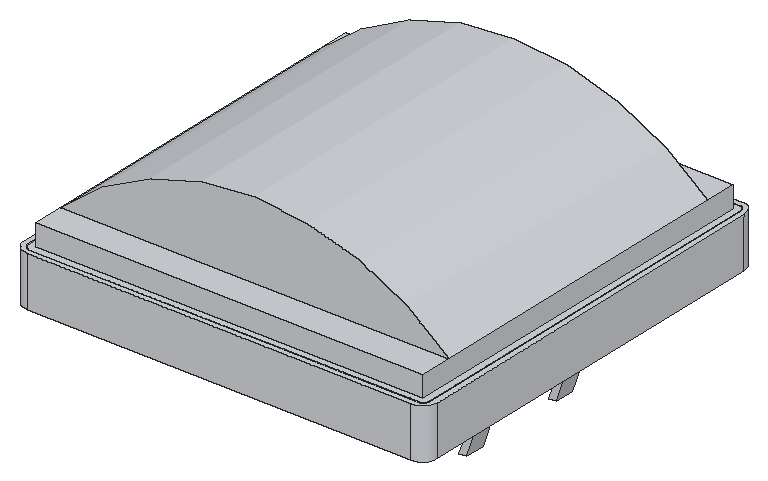
Revit family "Gira_537328", category Electrical Fixtures, host Face, Revit 2017
Family settings
  Host = Face
  Maintain Annotation Orientation = Yes
  Round Connector Dimension = Use Diameter
  Part Type = Normal
  Cut with Voids When Loaded = No
  Shared = No
  Room Calculation Point = No
Parameters (values of type "S3000 Beweg.m.aufs. 1,10 m Standard System 55 Anthrazit")
  Werkstoffgüte = "sonstige"
  Werkstoff = "sonstige"
  URL = "http://katalog.gira.de/de_DE/datenblatt.html?artikelnr=537328"
  Region = "DE"
  Name = "S3000 Beweg.m.aufs. 1,10 m Standard System 55 Anthrazit"
  Montagehöhe = "1,1 m"
  Montageart = "unter Putz"
  Manufacturer URL = "https://www.gira.de/"
  Keynote = "Bewegungsmelder_1,10m"
  HeinzeBIM = "https://bimportal.heinze.de/bim/s3000-beweg-m-aufs-1-10-m-standard-system-55-anthrazit/528e093dc46a669a3acd35462b93a2cabb59bd45"
  Halogenfrei = "No"
  HAN = "537328"
  Geeignet für Schutzart (IP) = "IP22"
  GTIN = "4010337049838"
  Default Elevation = 1219.2 mm
  Data sheet (1) = "https://katalog.gira.de/de_DE/download.html?artikelnr=537328"
  Category = "Bewegungsmelder-Sensor"
  Available = "Yes"
  Ausführung = "Bewegungsmelder"
Reference planes
  plane 1 "Center (Front/Back)": y = 0
  plane 2: z = 0
  plane 3 "Center (Left/Right)": x = 0
Forms (mm)
  Extrusion 1, solid, detail levels fine
    sketch origin (0, 0, 0) x (1, 0, 0) y (0, 0, 1)
      loop
        line (-33.025, 12.126) -> (33.025, 12.126)
        arc (33.025, 12.126) -> (0, 25.3) -> (-33.025, 12.126) r 47.982
    from -27.6 to 27.6
  Extrusion 2, solid, detail levels fine
    sketch origin (0, 0, 0) x (1, 0, 0) y (0, 1, 0)
      loop
        line (33.025, 33.025) -> (-33.025, 33.025) -> (-33.025, -33.025) -> (33.025, -33.025) -> (33.025, 33.025)
    from 8.55 to 12.126
  Extrusion 3, solid, detail levels fine
    sketch origin (0, 0, 0) x (1, 0, 0) y (0, 1, 0)
      loop
        spline (-32.7, 35.2) -> (-33.027, 35.179) -> (-33.347, 35.115) -> (-33.657, 35.01) -> (-33.95, 34.865) -> (-34.222, 34.683) -> (-34.468, 34.468) -> (-34.683, 34.222) -> (-34.865, 33.95) -> (-35.01, 33.657) -> (-35.115, 33.347) -> (-35.179, 33.027) -> (-35.2, 32.7)
        line (-35.2, 32.7) -> (-35.2, -32.7)
        spline (-35.2, -32.7) -> (-35.179, -33.027) -> (-35.115, -33.347) -> (-35.01, -33.657) -> (-34.865, -33.95) -> (-34.683, -34.222) -> (-34.468, -34.468) -> (-34.222, -34.683) -> (-33.95, -34.865) -> (-33.657, -35.01) -> (-33.347, -35.115) -> (-33.027, -35.179) -> (-32.7, -35.2)
        line (-32.7, -35.2) -> (32.7, -35.2)
        spline (32.7, -35.2) -> (33.027, -35.179) -> (33.347, -35.115) -> (33.657, -35.01) -> (33.95, -34.865) -> (34.222, -34.683) -> (34.468, -34.468) -> (34.683, -34.222) -> (34.865, -33.95) -> (35.01, -33.657) -> (35.115, -33.347) -> (35.179, -33.027) -> (35.2, -32.7)
        line (35.2, -32.7) -> (35.2, 32.7)
        spline (35.2, 32.7) -> (35.179, 33.027) -> (35.115, 33.347) -> (35.01, 33.657) -> (34.865, 33.95) -> (34.683, 34.222) -> (34.468, 34.468) -> (34.222, 34.683) -> (33.95, 34.865) -> (33.657, 35.01) -> (33.347, 35.115) -> (33.027, 35.179) -> (32.7, 35.2)
        line (32.7, 35.2) -> (-32.7, 35.2)
      loop
        line (-34.2, 33.2) -> (-34.2, -33.2)
        spline (-34.2, -33.2) -> (-34.191, -33.331) -> (-34.166, -33.459) -> (-34.124, -33.583) -> (-34.066, -33.7) -> (-33.993, -33.809) -> (-33.907, -33.907) -> (-33.809, -33.993) -> (-33.7, -34.066) -> (-33.583, -34.124) -> (-33.459, -34.166) -> (-33.331, -34.191) -> (-33.2, -34.2)
        line (-33.2, -34.2) -> (33.2, -34.2)
        spline (33.2, -34.2) -> (33.331, -34.191) -> (33.459, -34.166) -> (33.583, -34.124) -> (33.7, -34.066) -> (33.809, -33.993) -> (33.907, -33.907) -> (33.993, -33.809) -> (34.066, -33.7) -> (34.124, -33.583) -> (34.166, -33.459) -> (34.191, -33.331) -> (34.2, -33.2)
        line (34.2, -33.2) -> (34.2, 33.2)
        spline (34.2, 33.2) -> (34.191, 33.331) -> (34.166, 33.459) -> (34.124, 33.583) -> (34.066, 33.7) -> (33.993, 33.809) -> (33.907, 33.907) -> (33.809, 33.993) -> (33.7, 34.066) -> (33.583, 34.124) -> (33.459, 34.166) -> (33.331, 34.191) -> (33.2, 34.2)
        line (33.2, 34.2) -> (-33.2, 34.2)
        spline (-33.2, 34.2) -> (-33.331, 34.191) -> (-33.459, 34.166) -> (-33.583, 34.124) -> (-33.7, 34.066) -> (-33.809, 33.993) -> (-33.907, 33.907) -> (-33.993, 33.809) -> (-34.066, 33.7) -> (-34.124, 33.583) -> (-34.166, 33.459) -> (-34.191, 33.331) -> (-34.2, 33.2)
    from 0 to 8.55
  Extrusion 4, solid, detail levels fine
    sketch origin (0, 0, 0) x (1, 0, 0) y (0, 1, 0)
      loop
        line (-34.2, 33.2) -> (-34.2, -33.2)
        spline (-34.2, -33.2) -> (-34.191, -33.331) -> (-34.166, -33.459) -> (-34.124, -33.583) -> (-34.066, -33.7) -> (-33.993, -33.809) -> (-33.907, -33.907) -> (-33.809, -33.993) -> (-33.7, -34.066) -> (-33.583, -34.124) -> (-33.459, -34.166) -> (-33.331, -34.191) -> (-33.2, -34.2)
        line (-33.2, -34.2) -> (33.2, -34.2)
        spline (33.2, -34.2) -> (33.331, -34.191) -> (33.459, -34.166) -> (33.583, -34.124) -> (33.7, -34.066) -> (33.809, -33.993) -> (33.907, -33.907) -> (33.993, -33.809) -> (34.066, -33.7) -> (34.124, -33.583) -> (34.166, -33.459) -> (34.191, -33.331) -> (34.2, -33.2)
        line (34.2, -33.2) -> (34.2, 33.2)
        spline (34.2, 33.2) -> (34.191, 33.331) -> (34.166, 33.459) -> (34.124, 33.583) -> (34.066, 33.7) -> (33.993, 33.809) -> (33.907, 33.907) -> (33.809, 33.993) -> (33.7, 34.066) -> (33.583, 34.124) -> (33.459, 34.166) -> (33.331, 34.191) -> (33.2, 34.2)
        line (33.2, 34.2) -> (-33.2, 34.2)
        spline (-33.2, 34.2) -> (-33.331, 34.191) -> (-33.459, 34.166) -> (-33.583, 34.124) -> (-33.7, 34.066) -> (-33.809, 33.993) -> (-33.907, 33.907) -> (-33.993, 33.809) -> (-34.066, 33.7) -> (-34.124, 33.583) -> (-34.166, 33.459) -> (-34.191, 33.331) -> (-34.2, 33.2)
    from 6.175 to 8.55
  Extrusion 5, solid, detail levels fine
    sketch origin (0, 0, 0) x (1, 0, 0) y (0, 1, 0)
      loop
        spline (-27.7, -27.1) -> (-27.696, -27.165) -> (-27.683, -27.229) -> (-27.662, -27.291) -> (-27.633, -27.35) -> (-27.597, -27.404) -> (-27.554, -27.454) -> (-27.504, -27.497) -> (-27.45, -27.533) -> (-27.391, -27.562) -> (-27.329, -27.583) -> (-27.265, -27.596) -> (-27.2, -27.6)
        line (-27.2, -27.6) -> (27.2, -27.6)
        spline (27.2, -27.6) -> (27.265, -27.596) -> (27.329, -27.583) -> (27.391, -27.562) -> (27.45, -27.533) -> (27.504, -27.497) -> (27.554, -27.454) -> (27.597, -27.404) -> (27.633, -27.35) -> (27.662, -27.291) -> (27.683, -27.229) -> (27.696, -27.165) -> (27.7, -27.1)
        line (27.7, -27.1) -> (27.7, 27.1)
        spline (27.7, 27.1) -> (27.696, 27.165) -> (27.683, 27.229) -> (27.662, 27.291) -> (27.633, 27.35) -> (27.597, 27.404) -> (27.554, 27.454) -> (27.504, 27.497) -> (27.45, 27.533) -> (27.391, 27.562) -> (27.329, 27.583) -> (27.265, 27.596) -> (27.2, 27.6)
        line (27.2, 27.6) -> (-27.2, 27.6)
        spline (-27.2, 27.6) -> (-27.265, 27.596) -> (-27.329, 27.583) -> (-27.391, 27.562) -> (-27.45, 27.533) -> (-27.504, 27.497) -> (-27.554, 27.454) -> (-27.597, 27.404) -> (-27.633, 27.35) -> (-27.662, 27.291) -> (-27.683, 27.229) -> (-27.696, 27.165) -> (-27.7, 27.1)
        line (-27.7, 27.1) -> (-27.7, -27.1)
      loop
        line (26.9, 26.8) -> (-26.9, 26.8) -> (-26.9, -26.8) -> (26.9, -26.8) -> (26.9, 26.8)
    from 0 to 6.175
  Extrusion 6, solid, detail levels fine
    sketch origin (0, 0, 0) x (1, 0, 0) y (0, 1, 0)
      loop
        line (-15.4, -23.928) -> (15.4, -23.928)
        arc (15.4, -23.928) -> (21.43, -21.43) -> (23.928, -15.4) r 8.528
        line (23.928, -15.4) -> (23.928, 15.4)
        arc (23.928, 15.4) -> (21.43, 21.43) -> (15.4, 23.928) r 8.528
        line (15.4, 23.928) -> (-15.4, 23.928)
        arc (-15.4, 23.928) -> (-21.43, 21.43) -> (-23.928, 15.4) r 8.528
        line (-23.928, 15.4) -> (-23.928, -15.4)
        arc (-23.928, -15.4) -> (-21.43, -21.43) -> (-15.4, -23.928) r 8.528
    from -0.985 to 1.6
  Extrusion 7, solid, detail levels fine
    sketch origin (0, 0, 0) x (1, 0, 0) y (0, 1, 0)
      loop
        line (-26.35, 18.301) -> (-26.35, -18.801)
        spline (-26.35, -18.801) -> (-26.286, -19.78) -> (-26.095, -20.742) -> (-25.779, -21.671) -> (-25.345, -22.551) -> (-24.8, -23.366) -> (-24.154, -24.104) -> (-23.416, -24.75) -> (-22.601, -25.295) -> (-21.721, -25.729) -> (-20.792, -26.045) -> (-19.83, -26.236) -> (-18.851, -26.3)
        line (-18.851, -26.3) -> (18.851, -26.3)
        spline (18.851, -26.3) -> (19.83, -26.236) -> (20.792, -26.045) -> (21.721, -25.729) -> (22.601, -25.295) -> (23.416, -24.75) -> (24.154, -24.104) -> (24.8, -23.366) -> (25.345, -22.551) -> (25.779, -21.671) -> (26.094, -20.742) -> (26.286, -19.78) -> (26.35, -18.801)
        line (26.35, -18.801) -> (26.35, 18.301)
        spline (26.35, 18.301) -> (26.286, 19.28) -> (26.094, 20.242) -> (25.779, 21.171) -> (25.345, 22.051) -> (24.8, 22.866) -> (24.154, 23.604) -> (23.416, 24.25) -> (22.601, 24.795) -> (21.721, 25.229) -> (20.792, 25.545) -> (19.83, 25.736) -> (18.851, 25.8)
        line (18.851, 25.8) -> (-18.851, 25.8)
        spline (-18.851, 25.8) -> (-19.83, 25.736) -> (-20.792, 25.545) -> (-21.721, 25.229) -> (-22.601, 24.795) -> (-23.416, 24.25) -> (-24.154, 23.604) -> (-24.8, 22.866) -> (-25.345, 22.051) -> (-25.779, 21.171) -> (-26.095, 20.242) -> (-26.286, 19.28) -> (-26.35, 18.301)
    from 1.6 to 6.1
  Extrusion 8, solid, detail levels fine
    sketch origin (0, 0, 0) x (1, 0, 0) y (0, 0, 1)
      loop
        line (-23.048, -13.343) -> (-21.665, -13.513) -> (-24.338, -6.363) -> (-23.36, 1.6) -> (-25.023, 1.6) -> (-24.975, -1.121) -> (-25.39, -6.541) -> (-23.048, -13.343)
      loop
        line (23.048, -13.343) -> (25.39, -6.541) -> (24.975, -1.121) -> (25.023, 1.6) -> (23.36, 1.6) -> (24.338, -6.363) -> (21.665, -13.513) -> (23.048, -13.343)
    from 7.9 to 11.14
  Extrusion 9, solid, detail levels fine
    sketch origin (0, 0, 0) x (1, 0, 0) y (0, 0, -1)
      loop
        line (-23.048, 13.343) -> (-25.39, 6.541) -> (-24.975, 1.121) -> (-25.023, -1.6) -> (-23.36, -1.6) -> (-24.338, 6.363) -> (-21.665, 13.513) -> (-23.048, 13.343)
      loop
        line (23.048, 13.343) -> (21.665, 13.513) -> (24.338, 6.363) -> (23.36, -1.6) -> (25.023, -1.6) -> (24.975, 1.121) -> (25.39, 6.541) -> (23.048, 13.343)
    from 7.9 to 11.14
  Extrusion 10, solid, detail levels fine
    sketch origin (0, 0, 0) x (1, 0, 0) y (0, 1, 0)
      loop
        line (-5.141, 20.681) -> (-5.141, 15.099)
        spline (-5.141, 15.099) -> (-5.133, 14.968) -> (-5.107, 14.84) -> (-5.065, 14.716) -> (-5.007, 14.599) -> (-4.935, 14.49) -> (-4.849, 14.391) -> (-4.75, 14.305) -> (-4.641, 14.233) -> (-4.524, 14.175) -> (-4.4, 14.133) -> (-4.272, 14.107) -> (-4.141, 14.099)
        line (-4.141, 14.099) -> (4.141, 14.099)
        spline (4.141, 14.099) -> (4.272, 14.107) -> (4.4, 14.133) -> (4.524, 14.175) -> (4.641, 14.233) -> (4.75, 14.305) -> (4.849, 14.391) -> (4.935, 14.49) -> (5.007, 14.599) -> (5.065, 14.716) -> (5.107, 14.84) -> (5.133, 14.968) -> (5.141, 15.099)
        line (5.141, 15.099) -> (5.141, 20.681)
        spline (5.141, 20.681) -> (5.133, 20.812) -> (5.107, 20.94) -> (5.065, 21.064) -> (5.007, 21.181) -> (4.935, 21.29) -> (4.849, 21.389) -> (4.75, 21.475) -> (4.641, 21.547) -> (4.524, 21.605) -> (4.4, 21.647) -> (4.272, 21.673) -> (4.141, 21.681)
        line (4.141, 21.681) -> (-4.141, 21.681)
        spline (-4.141, 21.681) -> (-4.272, 21.673) -> (-4.4, 21.647) -> (-4.524, 21.605) -> (-4.641, 21.547) -> (-4.75, 21.475) -> (-4.849, 21.389) -> (-4.935, 21.29) -> (-5.007, 21.181) -> (-5.065, 21.064) -> (-5.107, 20.94) -> (-5.133, 20.812) -> (-5.141, 20.681)
    from -17.3 to -0.985
  Extrusion 11, solid, detail levels medium
    sketch origin (0, 0, 0) x (1, 0, 0) y (0, 1, 0)
      loop
        line (33.025, 33.025) -> (-33.025, 33.025) -> (-33.025, -33.025) -> (33.025, -33.025) -> (33.025, 33.025)
    from 8.55 to 25.3
  Extrusion 12, solid, detail levels medium
    sketch origin (0, 0, 0) x (1, 0, 0) y (0, 1, 0)
      loop
        line (-35.2, 35.2) -> (-35.2, -35.2) -> (35.2, -35.2) -> (35.2, 35.2) -> (-35.2, 35.2)
    from 0 to 8.55
  Extrusion 13, solid, detail levels medium
    sketch origin (0, 0, 0) x (1, 0, 0) y (0, 0, 1)
      loop
        line (-25.023, 1.6) -> (-25.023, -13.1) -> (-21.665, -13.513) -> (-21.665, 1.6) -> (-25.023, 1.6)
      loop
        line (25.023, 1.6) -> (21.665, 1.6) -> (21.665, -13.513) -> (25.023, -13.1) -> (25.023, 1.6)
    from 8 to 11.14
  Extrusion 14, solid, detail levels medium
    sketch origin (0, 0, 0) x (1, 0, 0) y (0, 0, -1)
      loop
        line (-25.023, -1.6) -> (-21.665, -1.6) -> (-21.665, 13.513) -> (-25.023, 13.1) -> (-25.023, -1.6)
      loop
        line (25.023, -1.6) -> (25.023, 13.1) -> (21.665, 13.513) -> (21.665, -1.6) -> (25.023, -1.6)
    from 8 to 11.14
  Extrusion 15, solid, detail levels medium
    sketch origin (0, 0, 0) x (1, 0, 0) y (0, 1, 0)
      loop
        line (-5.141, 21.681) -> (-5.141, 14.099) -> (5.141, 14.099) -> (5.141, 21.681) -> (-5.141, 21.681)
    from -17.3 to -0.985
  Extrusion 16, solid, detail levels coarse
    sketch origin (0, 0, 0) x (1, 0, 0) y (0, 1, 0)
      loop
        line (-35.2, 35.2) -> (-35.2, -35.2) -> (35.2, -35.2) -> (35.2, 35.2) -> (-35.2, 35.2)
    from -17.3 to 25.3
Dimensions and locks
  aligned and locked: plane 2 to host face
  aligned and locked: level to host face
  aligned and locked: nested 1 to plane 3 "Center (Left/Right)"
  aligned and locked: plane 1 "Center (Front/Back)" to nested 1
Nested families
  nested 1: "Belegungssensor - Bewegung - Aufputz - Beschriftung" at (0, 0, 0) x (0, -1, 0) z (0, 0, 1), type "Belegungssensor - Bewegung - Aufputz - Beschriftung"
Connectors
  electrical at (0, 0, -17.3)
    settings: on Extrusion 16, index 1, voltage 220 V, apparent load 0 VA, apparent load phase1 0 VA, apparent load phase2 0 VA, apparent load phase3 0 VA, power factor 1, load classification "Other", number of poles 1, system type 30, power factor state 1, is connector primary yes, connector utility no, sub classification motor no, connector description ""
Definition of nested family "Belegungssensor - Bewegung - Aufputz - Beschriftung"
  Reference planes
    plane 1: y = 0
    plane 2: x = 0
  Lines and regions (mm)
    Filled region 1, type "Gefüllter Bereich 1"
      outline origin (143.425, -20.712, 0) x (1, 0, 0) y (0, 1, 0)
        loop
          line (-148.697, 21.204) -> (-148.697, 20.409) -> (-147.583, 20.807) -> (-148.697, 21.204)
    Filled region 2, type "Gefüllter Bereich 1"
      outline origin (141.808, 30.001, 0) x (0.939693, 0.34202, 0) y (-0.34202, 0.939693, 0)
        loop
          line (-148.694, 21.203) -> (-148.694, 20.41) -> (-147.583, 20.807) -> (-148.694, 21.203)
    Filled region 3, type "Gefüllter Bereich 1"
      outline origin (141.819, -29.825, 0) x (-0.34202, -0.939693, 0) y (0.939693, -0.34202, 0)
        loop
          line (21.204, -148.697) -> (20.807, -147.583) -> (20.409, -148.697) -> (21.204, -148.697)
    detail lines
      curve 1: line (-1.207, 0.095, 0) -> (-3.486, 1.411, 0)
      curve 2: line (-1.207, 0.095, 0) -> (-3.486, -1.221, 0)
      curve 5: arc (-3.252, 1.752, 0) -> (-3.839, 0.095, 0) -> (-3.252, -1.562, 0) r 2.632
      curve 6: line (-6, 3, 0) -> (0, 3, 0)
      curve 7: line (-6, -3, 0) -> (-6, 3, 0)
      curve 8: line (0, -3, 0) -> (-6, -3, 0)
      curve 9: line (0, 3, 0) -> (0, -3, 0)
    reference lines
      curve 3: line (-1.207, 0.095, 0) -> (-3.616, 2.046, 0)
      curve 4: line (-1.207, 0.095, 0) -> (-3.616, -1.856, 0)
  Dimensions and locks
    curve 1 to curve 1 = 2.632 mm
    curve 2 to curve 2 = 2.632 mm
    curve 6 to curve 8 = 6 mm
    curve 7 to curve 9 = 6 mm
    angle curve 1 to curve 2 = 60.00°
    aligned and locked: curve 6 to curve 7
    aligned and locked: curve 9 to curve 9
